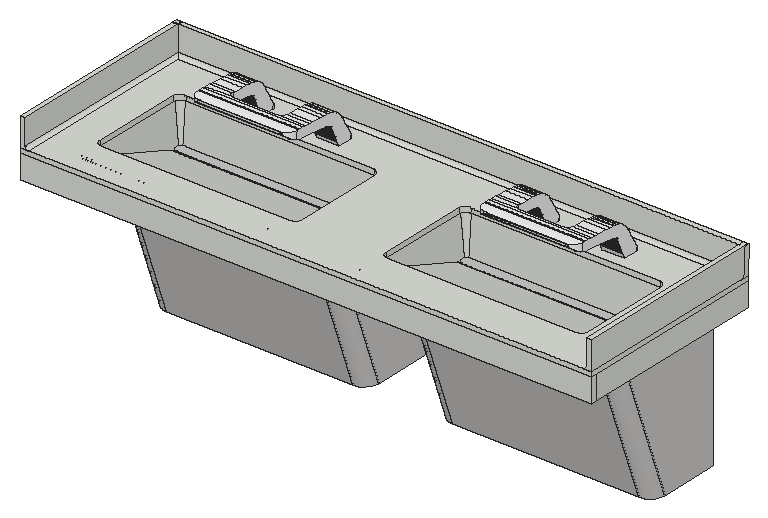
Revit family "Sink-Bradley_Corp-Omnideck_LD-3010_WashBar_Duo_2Basin", category Plumbing Fixtures, Revit 2018
Family settings
  Round Connector Dimension = Use Diameter
  Part Type = Normal
  OmniClass Number = 23.45.00.00
  OmniClass Title = Sanitary, Laundry, and Cleaning Equipment
  Work Plane-Based = No
  Always vertical = Yes
  Cut with Voids When Loaded = No
  Shared = No
  Room Calculation Point = No
Parameters (values of type "Omnideck LD-3010 WashBar Duo 2-Basin")
  Version = "1.0"
  URL = "http://bradleycorp.com"
  SplashRight [instance] = yes
  SplashLeft [instance] = yes
  Splash-Height [instance] = 3"
  Specifications URL = "https://www.bradleycorp.com/3partspec"
  Product Tech Data URL - English = "https://www.bradleycorp.com/mediamanager/view/9268/Bradley_Sink_OmniDeck_LD-3010.pdf"
  Product Page URL = "https://www.bradleycorp.com/product/omnideck-with-washbar-duo"
  OmniClass Table 23 Title = "Sinks/Lavatories"
  OmniClass Table 23 Number = "23.45 05 14 14"
  Model = "Omnideck LD 3010 WB TR1 2-Basin"
  Material-Deck [instance] = Stone - Bradley Corp - Designer White
  MasterFormat Title = "Commercial Lavatories and Sinks"
  MasterFormat Number = "22 42 16"
  Manufacturer Installation URL - English = "https://www.bradleycorp.com/mediamanager/view/9274/Terreon_Lav_Deck,_LD-3010_Series.pdf"
  Manufacturer = "Bradley Corporation"
  LENGTH [instance] = 60"
  HEIGHT [instance] = 33 1/2"
  SplashBack [instance] = yes
  Material-Basin [instance] = Stone - Bradley Corp - Designer White
  Description = "Bradley Omnideck Lavatory LD 3010 WashBar Duo Two-Basin"
  DEPTH [instance] = 20 1/2"
  DIST-to-Bowl2 [instance] = 45"
  DIST-To-Bowl1 [instance] = 15"
  Copyright = "This Model Data is Property of Bradley Corporation"
  Assembly Code = "D2010400"
  ApronRight [instance] = yes
  ApronLeft [instance] = yes
  ApronFront [instance] = yes
  Apron-Depth [instance] = 3"
Reference planes
  plane 1 "Center (Front/Back)": y = 0
  plane 2: z = 0
  plane 3 "T.O. Deck": z = 850.9
  plane 4 "Deck Thickness": z = 838.2
  plane 5 "F.O.Deck": y = -520.7
  plane 6: z = 363.538
  plane 7 "C.O. BOWL": y = -273.05
  plane 8 "C.O.Bowl1": x = -502.85
  plane 9 "Splash-Height": z = 927.1
  plane 10 "C.O.Faucet-Soap": y = -79.375
  plane 11 "C.O.Bowl2": x = 259.15
  plane 12 "Right-End": x = 640.15
  plane 13 "LEFT-END": x = -883.85
  plane 14: z = 800.1
  plane 15: y = -482.569
  plane 16 "B.O. Basin": y = -127
  plane 17: x = -777.487
  plane 18: x = -228.212
  plane 19: x = -232.975
  plane 20: x = -772.725
  plane 21: y = -412.75
  plane 22: y = -133.35
  plane 23: x = 914.788
  plane 24: x = 368.594
  plane 25 "B.O. Apron": z = 774.7
  plane 26: z = 800.1
Forms (mm)
  Extrusion 1, solid, material "Stone - Bradley Corp - Designer White" <- "Material-Deck"
    sketch origin (0, 0, 850.9) x (-1, 0, 0) y (0, -1, 0)
      loop
        line (883.85, 0) -> (883.85, 520.7) -> (-640.15, 520.7) -> (-640.15, 0) -> (883.85, 0)
    from 0 to -12.7
  Extrusion 2, solid, material "Stone - Bradley Corp - Designer White" <- "Material-Deck", visible <- "ApronFront", detail levels medium+fine
    sketch origin (0, 0, 838.2) x (-1, 0, 0) y (0, -1, 0)
      loop
        line (883.85, 520.7) -> (-640.15, 520.7) -> (-640.15, 508) -> (883.85, 508) -> (883.85, 520.7)
    from 0 to -63.5
  Extrusion 3, solid, material "Stone - Bradley Corp - Designer White" <- "Material-Deck", visible <- "ApronRight", detail levels medium+fine
    sketch origin (1713.3, 0, 838.2) x (-1, 0, 0) y (0, -1, 0)
      loop
        line (1085.85, 508) -> (1073.15, 508) -> (1073.15, 0) -> (1085.85, 0) -> (1085.85, 508)
    from 0 to -63.5
  Extrusion 4, solid, material "Stone - Bradley Corp - Designer White" <- "Material-Deck", visible <- "ApronLeft", detail levels medium+fine
    sketch origin (-579, 0, 838.2) x (-1, 0, 0) y (0, -1, 0)
      loop
        line (304.85, 508) -> (292.15, 508) -> (292.15, 0) -> (304.85, 0) -> (304.85, 508)
    from 0 to -63.5
  Extrusion 5, solid, material "Stone - Bradley Corp - Designer White" <- "Material-Deck", visible <- "SplashBack"
    sketch origin (640.15, 0, 0) x (0, 0, -1) y (0, -1, 0)
      loop
        line (-927.1, 12.7) -> (-927.1, 0) -> (-850.9, 0) -> (-850.9, 22.225)
        arc (-850.9, 22.225) -> (-853.69, 15.49) -> (-860.425, 12.7) r 9.525
        line (-860.425, 12.7) -> (-927.1, 12.7)
    from 0 to 1524 <- "LENGTH"
  Extrusion 6, solid, material "Stone - Bradley Corp - Designer White" <- "Material-Deck", visible <- "SplashLeft"
    sketch origin (0, 0, 0) x (1, 0, 0) y (0, 0, 1)
      loop
        line (-871.15, 860.425) -> (-871.15, 927.1) -> (-883.85, 927.1) -> (-883.85, 850.9) -> (-861.625, 850.9)
        arc (-861.625, 850.9) -> (-868.36, 853.69) -> (-871.15, 860.425) r 9.525
    from 0 to 520.7 <- "DEPTH"
  Extrusion 7, solid, material "Stone - Bradley Corp - Designer White" <- "Material-Deck", visible <- "SplashRight"
    sketch origin (0, 0, 0) x (1, 0, 0) y (0, 0, 1)
      loop
        line (627.45, 927.1) -> (627.45, 860.425)
        arc (627.45, 860.425) -> (624.66, 853.69) -> (617.925, 850.9) r 9.525
        line (617.925, 850.9) -> (640.15, 850.9) -> (640.15, 927.1) -> (627.45, 927.1)
    from 0 to 520.7 <- "DEPTH"
  Extrusion 8, void
    sketch origin (0, 0, 850.9) x (-1, 0, 0) y (0, -1, 0)
      loop
        arc (251.994, 412.75) -> (238.546, 407.179) -> (232.975, 393.731) r 19.019
        line (232.975, 393.731) -> (232.975, 152.369)
        arc (232.975, 152.369) -> (238.546, 138.921) -> (251.994, 133.35) r 19.019
        line (251.994, 133.35) -> (753.675, 133.35)
        arc (753.675, 133.35) -> (767.123, 138.921) -> (772.725, 152.369) r 19.019
        line (772.725, 152.369) -> (772.694, 393.731)
        arc (772.694, 393.731) -> (767.123, 407.179) -> (753.675, 412.75) r 19.019
        line (753.675, 412.75) -> (251.994, 412.75)
    from 0 to -12.7
  Extrusion 9, void
    sketch origin (1143, 0, 850.9) x (-1, 0, 0) y (0, -1, 0)
      loop
        arc (632.994, 412.75) -> (619.546, 407.179) -> (613.975, 393.731) r 19.019
        line (613.975, 393.731) -> (613.975, 152.369)
        arc (613.975, 152.369) -> (619.546, 138.921) -> (632.994, 133.35) r 19.019
        line (632.994, 133.35) -> (1134.675, 133.35)
        arc (1134.675, 133.35) -> (1148.123, 138.921) -> (1153.725, 152.369) r 19.019
        line (1153.725, 152.369) -> (1153.694, 393.731)
        arc (1153.694, 393.731) -> (1148.123, 407.179) -> (1134.675, 412.75) r 19.019
        line (1134.675, 412.75) -> (632.994, 412.75)
    from 0 to -12.7
Cuts and joins
  Extrusion 8, Extrusion 9 cuts Extrusion 1
Dimensions and locks
  "HEIGHT": plane 3 "T.O. Deck" to level
  locked: plane 3 "T.O. Deck" to plane 4 "Deck Thickness" at 12.7
  "DEPTH": plane 5 "F.O.Deck" to plane 1 "Center (Front/Back)"
  plane 3 "T.O. Deck" to plane 6 = 19 3/16"  (x2)
  locked: plane 7 "C.O. BOWL" to plane 1 "Center (Front/Back)" at 273.05
  "Splash-Height": plane 9 "Splash-Height" to plane 3 "T.O. Deck"
  locked: plane 1 "Center (Front/Back)" to plane 10 "C.O.Faucet-Soap" at 79.375
  locked: plane 3 "T.O. Deck" to plane 14 at 50.8
  plane 17 to plane 8 "C.O.Bowl1" to plane 18 = 10 13/16", 10 13/16"
  "LENGTH": plane 13 "LEFT-END" to plane 12 "Right-End"
  "DIST-To-Bowl1": plane 13 "LEFT-END" to plane 8 "C.O.Bowl1"
  "DIST-to-Bowl2": plane 13 "LEFT-END" to plane 11 "C.O.Bowl2"
  locked: plane 16 "B.O. Basin" to plane 1 "Center (Front/Back)" at 127
  plane 17 to plane 18 = 21 5/8"
  locked: plane 21 to plane 1 "Center (Front/Back)" at 412.75
  "Apron-Depth": plane 3 "T.O. Deck" to plane 25 "B.O. Apron"
  locked: cut or joined group of Extrusion 1, Extrusion 8, Extrusion 9 to plane 26 at 50.8
  aligned and locked: level to plane 2
  aligned and locked: Extrusion 1 sketch curve to plane 5 "F.O.Deck"
  aligned and locked: Extrusion 1 to plane 4 "Deck Thickness"
  aligned and locked: Extrusion 1 to plane 1 "Center (Front/Back)"
  aligned and locked: plane 12 "Right-End" to Extrusion 1 sketch curve
  aligned and locked: Extrusion 2 sketch curve to plane 12 "Right-End"
  aligned and locked: plane 13 "LEFT-END" to cut or joined group of Extrusion 1, Extrusion 8, Extrusion 9
  aligned and locked: plane 13 "LEFT-END" to Extrusion 2
  aligned and locked: Extrusion 6 sketch curve to cut or joined group of Extrusion 1, Extrusion 8, Extrusion 9
  aligned and locked: Extrusion 6 sketch curve to plane 9 "Splash-Height"
  aligned and locked: Extrusion 7 sketch curve to cut or joined group of Extrusion 1, Extrusion 8, Extrusion 9
  aligned and locked: Extrusion 7 sketch curve to plane 9 "Splash-Height"
  aligned and locked: nested 1 to plane 8 "C.O.Bowl1"
  aligned and locked: plane 1 "Center (Front/Back)" to nested 1
  aligned and locked: nested 2 to plane 8 "C.O.Bowl1"
  aligned and locked: plane 4 "Deck Thickness" to nested 2
  aligned and locked: plane 6 to nested 1
  aligned and locked: plane 21 to cut or joined group of Extrusion 1, Extrusion 8, Extrusion 9
  aligned and locked: nested 4 to plane 11 "C.O.Bowl2"
  aligned and locked: plane 6 to nested 3
  aligned and locked: plane 4 "Deck Thickness" to nested 4
  aligned and locked: Extrusion 2 to plane 25 "B.O. Apron"
  aligned and locked: Extrusion 3 to plane 25 "B.O. Apron"
  aligned and locked: Extrusion 4 to plane 25 "B.O. Apron"
  aligned and locked: nested 3 to plane 11 "C.O.Bowl2"
  aligned and locked: nested 5 to plane 10 "C.O.Faucet-Soap"
  aligned and locked: plane 8 "C.O.Bowl1" to nested 5
  aligned and locked: plane 3 "T.O. Deck" to nested 5
  aligned and locked: plane 11 "C.O.Bowl2" to nested 6
  aligned and locked: nested 6 to plane 10 "C.O.Faucet-Soap"
  aligned and locked: plane 3 "T.O. Deck" to nested 6
Automatic sketch dimensions
  Extrusion 1 sketch curve to plane 13 "LEFT-END" = 0"
  plane 1 "Center (Front/Back)" to Extrusion 1 sketch curve = 0"
  Extrusion 2 sketch curve to plane 13 "LEFT-END" = 0"
  plane 5 "F.O.Deck" to Extrusion 2 sketch curve = 0"
  Extrusion 2 sketch curve to plane 5 "F.O.Deck" = 1/2"
  Extrusion 3 sketch curve to plane 12 "Right-End" = 0"
  plane 1 "Center (Front/Back)" to Extrusion 3 sketch curve = 0"
  Extrusion 3 sketch curve to Extrusion 3 sketch curve = 1/2"
  Extrusion 3 sketch curve to plane 5 "F.O.Deck" = 1/2"
  plane 1 "Center (Front/Back)" to Extrusion 4 sketch curve = 0"
  Extrusion 4 sketch curve to plane 13 "LEFT-END" = 0"
  Extrusion 4 sketch curve to plane 13 "LEFT-END" = 1/2"
  Extrusion 4 sketch curve to plane 5 "F.O.Deck" = 1/2"
  Extrusion 5 sketch curve to plane 1 "Center (Front/Back)" = 0"
  Extrusion 5 sketch curve to plane 9 "Splash-Height" = 0"
  Extrusion 5 sketch curve to plane 3 "T.O. Deck" = 0"
  plane 3 "T.O. Deck" to Extrusion 5 sketch curve = 3/8"
  plane 1 "Center (Front/Back)" to Extrusion 5 sketch curve = 1/2"
  plane 13 "LEFT-END" to Extrusion 6 sketch curve = 0"
  Extrusion 6 sketch curve to plane 13 "LEFT-END" = 1/2"
  plane 3 "T.O. Deck" to Extrusion 6 sketch curve = 3/8"
  plane 12 "Right-End" to Extrusion 7 sketch curve = 0"
  plane 12 "Right-End" to Extrusion 7 sketch curve = 1/2"
  Extrusion 7 sketch curve to Extrusion 7 sketch curve = 3/8"
  Extrusion 8 sketch curve to plane 19 = 0"
  plane 21 to Extrusion 8 sketch curve = 0"
  plane 22 to Extrusion 8 sketch curve = 0"
  Extrusion 8 sketch curve to plane 20 = 0"
  plane 19 to Extrusion 8 sketch curve = 0.74878"  (x2)
  Extrusion 8 sketch curve to plane 20 = 3/4"
  Extrusion 8 sketch curve to Extrusion 8 sketch curve = 3/4"
  Extrusion 8 sketch curve to Extrusion 8 sketch curve = 0.74878"  (x2)
  Extrusion 8 sketch curve to Extrusion 8 sketch curve = 0"  (x2)
  plane 21 to Extrusion 9 sketch curve = 0"
  plane 22 to Extrusion 9 sketch curve = 0"
  plane 22 to Extrusion 9 sketch curve = 0.74878"  (x2)
  Extrusion 9 sketch curve to plane 21 = 0.74878"  (x2)
  Extrusion 9 sketch curve to Extrusion 9 sketch curve = 0.00122"
  Extrusion 9 sketch curve to Extrusion 9 sketch curve = 0"  (x3)
  Extrusion 9 sketch curve to plane 11 "C.O.Bowl2" = 9.87622"
  plane 11 "C.O.Bowl2" to Extrusion 9 sketch curve = 9 7/8"
Nested families
  nested 1: "Access-Panel-LD5010" at (-502.85, 0, 810.323), type "Access-Panel-LD5010"
  nested 2: "Basin-Bradley_Corp-Omnideck-WashBar-LD5010" at (-437.762, 0, 0), Basin Material <- "Material-Basin", type "LVQ-1"
    with Height 33 1/2", Basin Material Stone - Bradley Corp - Designer White
  nested 3: "Access-Panel-LD5010" at (259.15, 0, 810.324), type "Access-Panel-LD5010"
  nested 4: "Basin-Bradley_Corp-Omnideck-WashBar-LD5010" at (324.238, 0, 0), Basin Material <- "Material-Basin", type "LVQ-1"
    with Height 33 1/2", Basin Material Stone - Bradley Corp - Designer White
  nested 5: "Faucet-Soap-Bradley_Corp-WashBar_Duo" at (-502.85, -55.575, 850.9), type "WashBar Duo"
  nested 6: "Faucet-Soap-Bradley_Corp-WashBar_Duo" at (259.15, -55.575, 850.9), type "WashBar Duo"
Definition of nested family "Access-Panel-LD5010"
  Reference planes
    plane 1 "Center (Front/Back)": y = 0
    plane 2 "T.O. Access Panel": z = 0
    plane 3 "Center (Left/Right)": x = 0
    plane 4 "B.O. Access Panel": z = -446.786
    plane 5: through (0, -339.048, 0) normal (0, 0.9397, 0.342)
    plane 6 "Bottom Perimeter": y = -198.374
    plane 7 "Top Perimeter": y = -348.488
    plane 8 "Inside-Left": x = -252.73
    plane 9 "Inside-Right": x = 252.73
    plane 10: x = -285.369
    plane 11: x = 285.369
    plane 12: z = -33.528
    plane 13: y = 214.884
    plane 14 "top edge": y = -360.667
  Forms (mm)
    Blend 1, solid
      base sketch origin (0, 0, -446.786) x (0, -1, 0) y (1, 0, 0)
        loop
          arc (195.834, -247.269) -> (185.419, -272.414) -> (160.274, -282.829) r 35.56
          line (160.274, -282.829) -> (0, -282.829) -> (0, -285.369) -> (160.274, -285.369)
          arc (160.274, -285.369) -> (187.215, -274.21) -> (198.374, -247.269) r 38.1
          line (198.374, -247.269) -> (198.374, 247.269)
          arc (198.374, 247.269) -> (187.215, 274.21) -> (160.274, 285.369) r 38.1
          line (160.274, 285.369) -> (0, 285.369) -> (0, 282.829) -> (160.274, 282.829)
          arc (160.274, 282.829) -> (185.419, 272.414) -> (195.834, 247.269) r 35.56
          line (195.834, 247.269) -> (195.834, -247.269)
      top sketch origin (0, 0, 0) x (1, 0, 0) y (0, 1, 0)
        loop
          arc (247.269, -360.667) -> (274.21, -349.508) -> (285.369, -322.567) r 38.1
          line (285.369, -322.567) -> (285.369, 0) -> (282.829, 0) -> (282.829, -322.567)
          arc (282.829, -322.567) -> (272.414, -347.712) -> (247.269, -358.127) r 35.56
          line (247.269, -358.127) -> (-247.269, -358.127)
          arc (-247.269, -358.127) -> (-272.414, -347.712) -> (-282.829, -322.567) r 35.56
          line (-282.829, -322.567) -> (-282.829, 0) -> (-285.369, 0) -> (-285.369, -322.567)
          arc (-285.369, -322.567) -> (-274.21, -349.508) -> (-247.269, -360.667) r 38.1
          line (-247.269, -360.667) -> (247.269, -360.667)
      from 0 to 0
    Extrusion 2, void
      sketch origin (0, 0, 0) x (0, 1, 0) y (0, 0, 1)
        loop
          arc (-368.237, -44.643) -> (-286.598, -9.794) -> (-198.374, 0) r 304.142
          line (-198.374, 0) -> (-198.374, 19.05) -> (-368.237, 19.05) -> (-368.237, -44.643)
      from -304.8 to 304.8
  Cuts and joins
    Extrusion 2 cuts Blend 1
  Lines and regions (mm)
    Masking region 1
      outline origin (0, 0, 0) x (1, 0, 0) y (0, 0, 1)
        loop
          line (285.369, 0) -> (-285.369, 0) -> (-285.369, -446.786) -> (285.369, -446.786) -> (285.369, 0)
    Masking region 2
      outline origin (0, 0, 0) x (0, 1, 0) y (0, 0, 1)
        loop
          line (0, -446.786) -> (0, 0) -> (-339.048, 0) -> (-178.598, -446.786) -> (0, -446.786)
    symbolic lines
      curve 1: line (0, -198.374, -446.786) -> (0, -360.667, 0)
  Dimensions and locks
    plane 10 to plane 3 "Center (Left/Right)" to plane 11 = 11.235", 11.235"
    plane 10 to plane 11 = 22.47"
    plane 6 "Bottom Perimeter" to plane 1 "Center (Front/Back)" = 7.81"
    plane 7 "Top Perimeter" to plane 1 "Center (Front/Back)" = 13.72"
    level to plane 4 "B.O. Access Panel" = 17.59"
    plane 12 to plane 4 "B.O. Access Panel" = 16.27"
    aligned and locked: plane 2 "T.O. Access Panel" to level
    aligned and locked: Masking region 2 to plane 4 "B.O. Access Panel"
    aligned and locked: Masking region 1 to plane 4 "B.O. Access Panel"
    aligned and locked: Masking region 1 to plane 10
    aligned and locked: Masking region 1 to plane 11
Definition of nested family "Basin-Bradley_Corp-Omnideck-WashBar-LD5010"
  Parameters (values of type "LVQ-1")
    Warranty Information = ""
    Version = "1.0"
    URL = "http://bradleycorp.com"
    Specifications URL = "https://www.bradleycorp.com/3partspec"
    Product Tech Data URL - English = "https://www.bradleycorp.com/download/4754/Bradley_Sink_Verge_LVQD1.pdf"
    Product Page URL = "http://info.bradleycorp.com/verge-washbar"
    OmniClass Table 23 Title = "Sink/Lavatories"
    OmniClass Table 23 Number = "23-31 13 00"
    OmniClass Table 21 Title = "Plumbing Fixtures"
    OmniClass Table 21 Number = "21-04 20 10 60"
    Model = "LVQD1"
    MasterFormat Title = "Commercial Lavatories and Sinks"
    MasterFormat Number = "22 42 16"
    Manufacturer Revit Model URL = ""
    Manufacturer Installation URL - English = ""
    Manufacturer = "Bradley Corporation"
    Length = 30"
    Installation Type = "Wall Hung"
    Height [instance] = 33 1/2"
    Description = "Verge™ Lavatory System w/Washbar Technology – LVQ Series, One Station"
    Depth = 21"
    Copyright = "This Model Data is Property of Bradley Corporation"
    Basin Material [instance] = none
    Assembly Code = "D2010300"
    ADA Compliant = yes
  Reference planes
    plane 1 "Center (Front/Back)": y = 0
    plane 2: z = 0
    plane 3 "Center (Left/Right)": x = -6.35
    plane 4: x = -381
    plane 5: x = 381
    plane 6 "T.O. Lav Deck": z = 850.9
    plane 7: y = -533.4
    plane 8 "B.O. Basin": y = -127
    plane 9: y = -69.85
    plane 10 "B.O. Bowl": z = 628.65
    plane 11 "Mid-Basin": y = -338.293
    plane 12 "B.O. Deck": z = 755.65
    plane 13: x = -339.725
    plane 14: x = 339.725
    plane 15: z = 342.9
    plane 16: through (358.886, -6.269, 1219.2) normal (0.9959, -0.0902, 0)
    plane 17: through (-331.911, -304.093, 1219.2) normal (-0.9959, -0.0902, 0)
    plane 18: z = 673.72
    plane 19 "Access Panel Side": through (325.941, -370.004, 1219.2) normal (0.0902, 0.9959, 0)
    plane 20 "Drain Strip-Bottom": z = 713.126
    plane 21 "Drain Strip-Top": z = 732.99
    plane 22: x = 209.55
    plane 23 "RightSide": x = 250.825
    plane 24 "C.O. Basin": x = -65.087
  Forms (mm)
    Extrusion 1, void
      sketch origin (-6.35, 0, 0) x (0, 1, 0) y (0, 0, 1)
        loop
          line (-408.046, 820.041) -> (-169.423, 732.99)
          arc (-169.423, 732.99) -> (-167.965, 731.914) -> (-167.333, 730.215) r 3.175
          line (-167.333, 730.215) -> (-166.138, 713.126) -> (-139.054, 713.126) -> (-127.254, 847.995)
          arc (-127.254, 847.995) -> (-127.072, 848.818) -> (-126.679, 849.564) r 3.175
          arc (-126.679, 849.564) -> (-125.947, 850.347) -> (-125.029, 850.9) r 3.893
          line (-125.029, 850.9) -> (-421.71, 850.9)
          arc (-421.71, 850.9) -> (-420.703, 850.54) -> (-420.153, 849.622) r 1.588
          line (-420.153, 849.622) -> (-417.881, 838.2) -> (-416.149, 829.495)
          arc (-416.149, 829.495) -> (-413.335, 823.707) -> (-408.046, 820.041) r 12.7
      from 209.55 to -339.725
    Extrusion 2, solid, material <- "Basin Material"
      sketch origin (-6.35, 0, 0) x (0, 1, 0) y (0, 0, 1)
        loop
          line (-303.644, 755.65) -> (-296.71, 736.6) -> (-230.339, 736.6) -> (-224.838, 673.72) -> (0, 673.72) -> (0, 838.2) -> (-455.981, 838.2) -> (-455.13, 828.476)
          arc (-455.13, 828.476) -> (-454.258, 826.372) -> (-452.154, 825.5) r 2.976
          line (-452.154, 825.5) -> (-442.096, 825.5) -> (-438.272, 825.5)
          arc (-438.272, 825.5) -> (-433.142, 824.001) -> (-429.627, 819.974) r 9.525
          arc (-429.627, 819.974) -> (-423.03, 810.934) -> (-413.466, 805.12) r 28.575
          line (-413.466, 805.12) -> (-349.705, 781.914)
          arc (-349.705, 781.914) -> (-347.387, 780.438) -> (-345.91, 778.119) r 6.35
          line (-345.91, 778.119) -> (-337.732, 755.65) -> (-303.644, 755.65)
      from 250.825 to -355.6
    Extrusion 3, solid
      sketch origin (0, 0, 732.99) x (0, -1, 0) y (1, 0, 0)
        loop
          arc (165.856, 181.191) -> (152.309, 194.738) -> (138.763, 181.191) r 13.546
          line (138.763, 181.191) -> (138.763, -311.366)
          arc (138.763, -311.366) -> (152.309, -324.913) -> (165.856, -311.366) r 13.546
          line (165.856, -311.366) -> (165.856, 181.191)
      from 0 to -9.525
    Sweep 4, solid, material <- "Basin Material"
      path origin (0, 0, 850.9) x (-1, 0, 0) y (0, -1, 0)
        loop
          arc (320.675, 125.029) -> (334.145, 130.609) -> (339.725, 144.079) r 19.05
          line (339.725, 144.079) -> (339.725, 401.913)
          arc (339.725, 401.913) -> (334.145, 415.383) -> (320.675, 420.963) r 19.05
      profile "Inner-Bowl-Surface : Inner-Bowl-Surface" origin (-334.145, -130.609, 850.9) x (0.707107, -0.707107, 0) y (0, 0, 1)
        loop
          line (14.025, -137.774) -> (3.082, -12.7) -> (-8.043, -12.7) -> (-8.043, -137.774) -> (14.025, -137.774)
    Extrusion 5, void
      sketch origin (30.588, -337.712, 0) x (0.995923, 0.090206, 0) y (0, 0, -1)
        loop
          line (-334.704, -666.251) -> (-375.446, -655.793) -> (-400.724, -754.265) -> (-357.297, -754.265) -> (-334.704, -666.251)
      from 381 to -139.035
    Extrusion 6, void
      sketch origin (-160.763, -337.712, 0) x (-0.995923, 0.090206, 0) y (0, 0, 1)
        loop
          line (-334.704, 666.251) -> (-357.297, 754.265) -> (-400.724, 754.265) -> (-375.446, 655.793) -> (-334.704, 666.251)
      from 381 to -139.035
    Sweep 7, solid, material <- "Basin Material"
      path origin (-130.175, 0, 850.9) x (1, 0, 0) y (0, -1, 0)
        loop
          arc (320.675, 125.029) -> (334.145, 130.609) -> (339.725, 144.079) r 19.05
          line (339.725, 144.079) -> (339.725, 401.913)
          arc (339.725, 401.913) -> (334.145, 415.383) -> (320.675, 420.963) r 19.05
      profile "Inner-Bowl-Surface : Inner-Bowl-Surface" origin (203.97, -130.609, 850.9) x (0.707107, 0.707107, 0) y (0, 0, 1)
        loop
          line (-14.025, -137.774) -> (8.043, -137.774) -> (8.043, -12.7) -> (-3.082, -12.7) -> (-14.025, -137.774)
    Extrusion 8, void
      sketch origin (-6.35, 0, 0) x (0, 1, 0) y (0, 0, 1)
        loop
          line (-429.005, 818.712) -> (-429.005, 754.265) -> (-337.228, 754.265) -> (-345.91, 778.119)
          arc (-345.91, 778.119) -> (-347.387, 780.438) -> (-349.705, 781.914) r 6.35
          line (-349.705, 781.914) -> (-413.466, 805.12)
          arc (-413.466, 805.12) -> (-422.506, 810.464) -> (-429.005, 818.712) r 28.575
      from -355.6 to -228.6
    Extrusion 9, void
      sketch origin (-123.825, 0, 0) x (0, 1, 0) y (0, 0, -1)
        loop
          arc (-429.005, -818.712) -> (-422.506, -810.464) -> (-413.466, -805.12) r 28.575
          line (-413.466, -805.12) -> (-349.705, -781.914)
          arc (-349.705, -781.914) -> (-347.387, -780.438) -> (-345.91, -778.119) r 6.35
          line (-345.91, -778.119) -> (-337.228, -754.265) -> (-429.005, -754.265) -> (-429.005, -818.712)
      from -355.6 to -228.6
    Extrusion 10, void
      sketch origin (250.825, 0, 0) x (0, 1, 0) y (0, 0, 1)
        loop
          line (-296.476, 673.72) -> (0, 673.72) -> (0, 755.96) -> (-303.671, 755.96) -> (-296.476, 673.72)
      from -38.1 to 0
    Extrusion 11, void
      sketch origin (-381, 0, 0) x (0, 1, 0) y (0, 0, -1)
        loop
          line (-296.476, -673.72) -> (-303.671, -755.96) -> (0, -755.96) -> (0, -673.72) -> (-296.476, -673.72)
      from -38.1 to 0
  Cuts and joins
    Extrusion 1, Extrusion 9, Extrusion 10, Extrusion 11 cuts Extrusion 2
    Extrusion 5, Extrusion 8, Extrusion 9, Extrusion 11 cuts Sweep 4
    Extrusion 6, Extrusion 9, Extrusion 11 cuts Sweep 7
    joined: Extrusion 2, Sweep 4, Sweep 7
  Lines and regions (mm)
    symbolic lines
      curve 1: line (-111.125, -125.029, 732.99) -> (111.125, -125.029, 732.99)
      curve 2: line (-327.438, -169.418, 732.99) -> (-337.148, -474.345, 732.99)
      curve 3: arc (-311.366, -138.763, 732.99) -> (-324.913, -152.309, 732.99) -> (-311.366, -165.856, 732.99) r 13.546
      curve 4: arc (-320.675, -139.054, 732.99) -> (-324.229, -140.526, 732.99) -> (-325.7, -144.079, 732.99) r 5.025
      curve 5: line (-325.7, -144.079, 732.99) -> (-325.7, -166.138, 732.99)
      curve 6: line (-325.7, -166.138, 732.99) -> (-327.196, -167.333, 732.99)
      curve 7: spline (-327.196, -167.333, 732.99) -> (-327.222, -167.367, 732.99) -> (-327.248, -167.431, 732.99) -> (-327.274, -167.524, 732.99) -> (-327.298, -167.644, 732.99) -> (-327.322, -167.79, 732.99) -> (-327.344, -167.962, 732.99) -> (-327.364, -168.157, 732.99) -> (-327.383, -168.375, 732.99) -> (-327.4, -168.612, 732.99) -> (-327.415, -168.866, 732.99) -> (-327.428, -169.136, 732.99) -> (-327.438, -169.418, 732.99)
      curve 8: line (-171.45, -139.054, 732.99) -> (-320.675, -139.054, 732.99)
      curve 9: line (-171.45, -166.138, 732.99) -> (-325.7, -166.138, 732.99)
      curve 10: line (111.125, -139.054, 732.99) -> (-111.125, -139.054, 732.99)
      curve 11: line (111.125, -166.138, 732.99) -> (-111.125, -166.138, 732.99)
  Dimensions and locks
    "Length": plane 4 to plane 5
    plane 6 "T.O. Lav Deck" to plane 2 = 33 1/2"
    "Depth": plane 7 to plane 1 "Center (Front/Back)"
    locked: plane 8 "B.O. Basin" to plane 1 "Center (Front/Back)" at 127
    locked: plane 9 to plane 1 "Center (Front/Back)" at 69.85
    plane 6 "T.O. Lav Deck" to plane 10 "B.O. Bowl" = 8 3/4"
    locked: plane 6 "T.O. Lav Deck" to plane 12 "B.O. Deck" at 95.25
    locked: plane 6 "T.O. Lav Deck" to plane 10 "B.O. Bowl" at 222.25
    locked: plane 13 to plane 14 at 679.45
    locked: plane 6 "T.O. Lav Deck" to plane 15 at 508
    locked: plane 6 "T.O. Lav Deck" to plane 21 "Drain Strip-Top" at 117.91
    plane 13 to plane 22 = 21 5/8"
    plane 3 "Center (Left/Right)" to plane 23 "RightSide" = 10 1/8"
    equal spacing: plane 13, plane 24 "C.O. Basin", plane 22
    cut or joined group of Extrusion 1, Extrusion 2, Sweep 4, Extrusion 5, Extrusion 6, Sweep 7, Extrusion 8, Extrusion 9, Extrusion 10, Extrusion 11 to plane 8 "B.O. Basin" = 11.452"
    aligned and locked: level to plane 2
  Automatic sketch dimensions
    Extrusion 1 sketch curve to plane 6 "T.O. Lav Deck" = 0"  (x2)
    Extrusion 1 sketch curve to plane 21 "Drain Strip-Top" = 0"
    Extrusion 1 sketch curve to plane 20 "Drain Strip-Bottom" = 0"
    Extrusion 1 sketch curve to plane 6 "T.O. Lav Deck" = 1/16"
    Extrusion 1 sketch curve to plane 11 "Mid-Basin" = 3.28412"
    Extrusion 1 sketch curve to plane 6 "T.O. Lav Deck" = 0.05031"
    Extrusion 1 sketch curve to plane 6 "T.O. Lav Deck" = 1/2"
    Extrusion 1 sketch curve to Extrusion 1 sketch curve = 0.08945"
    Extrusion 1 sketch curve to plane 6 "T.O. Lav Deck" = 0.84273"
    Extrusion 1 sketch curve to Extrusion 1 sketch curve = 0.06817"
    Extrusion 1 sketch curve to plane 6 "T.O. Lav Deck" = 1.21491"
    Extrusion 1 sketch curve to Extrusion 1 sketch curve = 0.31904"
    Extrusion 1 sketch curve to Extrusion 1 sketch curve = 0.17136"
    Extrusion 1 sketch curve to plane 21 "Drain Strip-Top" = 0.11758"
    plane 8 "B.O. Basin" to Extrusion 1 sketch curve = 1.71261"
    Extrusion 1 sketch curve to Extrusion 1 sketch curve = 0.04243"
    Extrusion 1 sketch curve to plane 21 "Drain Strip-Top" = 0.10923"
    Extrusion 1 sketch curve to Extrusion 1 sketch curve = 0.04705"
    plane 8 "B.O. Basin" to Extrusion 1 sketch curve = 0.47455"
    plane 8 "B.O. Basin" to Extrusion 1 sketch curve = 0.01001"
    Extrusion 1 sketch curve to plane 8 "B.O. Basin" = 0.07759"
    Extrusion 1 sketch curve to plane 8 "B.O. Basin" = 0.11454"
    Extrusion 1 sketch curve to Extrusion 1 sketch curve = 0.02338"
    Extrusion 1 sketch curve to plane 6 "T.O. Lav Deck" = 0.14089"
    Extrusion 1 sketch curve to Extrusion 1 sketch curve = 0.01589"
    Extrusion 1 sketch curve to Extrusion 1 sketch curve = 0.01063"
    Extrusion 1 sketch curve to Extrusion 1 sketch curve = 0"
    Extrusion 2 sketch curve to plane 12 "B.O. Deck" = 0"
    Extrusion 2 sketch curve to plane 18 = 0"
    Extrusion 2 sketch curve to plane 1 "Center (Front/Back)" = 0"
    plane 8 "B.O. Basin" to Extrusion 2 sketch curve = 3.85189"
    plane 21 "Drain Strip-Top" to Extrusion 2 sketch curve = 0.14213"
    Extrusion 2 sketch curve to Extrusion 2 sketch curve = 0.21658"
    plane 11 "Mid-Basin" to Extrusion 2 sketch curve = 1.63712"
    Extrusion 2 sketch curve to Extrusion 2 sketch curve = 0.27298"
    plane 11 "Mid-Basin" to Extrusion 2 sketch curve = 0.02211"
    Extrusion 2 sketch curve to plane 11 "Mid-Basin" = 0.29987"
    Extrusion 2 sketch curve to Extrusion 2 sketch curve = 0.14942"
    Extrusion 2 sketch curve to Extrusion 2 sketch curve = 0.23492"
    Extrusion 2 sketch curve to plane 6 "T.O. Lav Deck" = 0.74519"
    Extrusion 2 sketch curve to plane 11 "Mid-Basin" = 2.5748"
    Extrusion 2 sketch curve to Extrusion 2 sketch curve = 0.38476"
    Extrusion 2 sketch curve to Extrusion 2 sketch curve = 0.97662"
    Extrusion 2 sketch curve to Extrusion 2 sketch curve = 0.15054"
    Extrusion 2 sketch curve to Extrusion 2 sketch curve = 0.39599"
    Extrusion 2 sketch curve to plane 6 "T.O. Lav Deck" = 0.88283"
    Extrusion 2 sketch curve to Extrusion 2 sketch curve = 0.11717"
    Extrusion 2 sketch curve to plane 6 "T.O. Lav Deck" = 1/2"
    Extrusion 2 sketch curve to Extrusion 2 sketch curve = 0.03349"
    plane 12 "B.O. Deck" to Extrusion 2 sketch curve = 0.79911"
    Extrusion 2 sketch curve to Extrusion 2 sketch curve = 0.08551"
    Extrusion 2 sketch curve to Extrusion 2 sketch curve = 1.05716"
    Extrusion 2 sketch curve to Extrusion 2 sketch curve = 3/8"
    plane 8 "B.O. Basin" to Extrusion 3 sketch curve = 0.46311"
    Extrusion 3 sketch curve to Extrusion 3 sketch curve = 0.53332"
    plane 13 to Extrusion 3 sketch curve = 1.11648"
    Extrusion 3 sketch curve to plane 22 = 1.11648"
    Sweep 4 sketch curve to plane 13 = 0"
    Sweep 4 sketch curve to Sweep 4 sketch curve = 3/4"  (x2)
    plane 8 "B.O. Basin" to Sweep 4 sketch curve = 0.67241"
    Sweep 4 sketch curve to plane 11 "Mid-Basin" = 2.50471"
    Extrusion 5 sketch curve to plane 12 "B.O. Deck" = 0.05451"
    plane 17 to Extrusion 5 sketch curve = 1.68249"
    plane 17 to Extrusion 5 sketch curve = 0.68729"
    Extrusion 5 sketch curve to plane 17 = 0.02722"
    Extrusion 5 sketch curve to plane 18 = 0.29406"
    plane 8 "B.O. Basin" to curve 8 = 0.47455"
    curve 8 to curve 4 = 0.19785"
    curve 4 to curve 3 = 0.32403"
    plane 13 to curve 6 = 0.55215"
    curve 3 to curve 6 = 0.54441"
    plane 13 to curve 2 = 0.48373"
    curve 5 to curve 2 = 0.12916"
    curve 4 to curve 3 = 0.36648"
    plane 8 "B.O. Basin" to curve 10 = 0.47455"
    curve 3 to curve 4 = 0.01144"
    curve 1 to plane 8 "B.O. Basin" = 0.07759"
    curve 10 to curve 11 = 1.06629"
    curve 5 to curve 7 = 0.04679"
    plane 13 to curve 6 = 0.49328"
    curve 7 to curve 6 = 0.00026"
    curve 6 to curve 7 = 0"  (x2)
    curve 2 to curve 7 = 0.04304"
    plane 13 to curve 2 = 0.10147"
    curve 2 to plane 7 = 2.325"
    curve 9 to plane 24 "C.O. Basin" = 4 3/16"
    curve 8 to curve 9 = 0"
    curve 1 to plane 24 "C.O. Basin" = 1 13/16"
    curve 10 to curve 1 = 0"  (x2)
    curve 11 to curve 10 = 0"
    curve 11 to plane 22 = 3 7/8"
    curve 1 to curve 11 = 0"
    Extrusion 6 sketch curve to plane 12 "B.O. Deck" = 0.05451"
    Extrusion 6 sketch curve to plane 16 = 3.42162"
    Extrusion 6 sketch curve to plane 18 = 0.70581"
    Extrusion 6 sketch curve to Extrusion 6 sketch curve = 0.9952"
    Extrusion 6 sketch curve to Extrusion 6 sketch curve = 1.70971"
    Sweep 7 sketch curve to plane 22 = 0"
    plane 22 to Sweep 7 sketch curve = 3/4"  (x2)
    Sweep 7 sketch curve to plane 8 "B.O. Basin" = 0.67241"
    plane 11 "Mid-Basin" to Sweep 7 sketch curve = 2.50471"
    Extrusion 8 sketch curve to plane 12 "B.O. Deck" = 0.05451"
    Extrusion 8 sketch curve to plane 11 "Mid-Basin" = 3.57134"
    Extrusion 8 sketch curve to plane 6 "T.O. Lav Deck" = 1.80235"
    Extrusion 8 sketch curve to Extrusion 8 sketch curve = 0.61178"
    Extrusion 8 sketch curve to plane 6 "T.O. Lav Deck" = 0.74519"
    Extrusion 8 sketch curve to Extrusion 8 sketch curve = 0.99654"
    Extrusion 8 sketch curve to plane 11 "Mid-Basin" = 0.53479"
    Extrusion 8 sketch curve to Extrusion 8 sketch curve = 0.0855"
    Extrusion 8 sketch curve to Extrusion 8 sketch curve = 0.14942"
    plane 11 "Mid-Basin" to Extrusion 8 sketch curve = 0.04195"
    plane 12 "B.O. Deck" to Extrusion 8 sketch curve = 0.79911"
    Extrusion 8 sketch curve to Extrusion 8 sketch curve = 0.08551"
    Extrusion 9 sketch curve to plane 12 "B.O. Deck" = 0.05451"
    Extrusion 9 sketch curve to plane 11 "Mid-Basin" = 3.57134"
    Extrusion 9 sketch curve to plane 6 "T.O. Lav Deck" = 1.80235"
    Extrusion 9 sketch curve to Extrusion 9 sketch curve = 0.61178"
    Extrusion 9 sketch curve to plane 6 "T.O. Lav Deck" = 0.74519"
    Extrusion 9 sketch curve to Extrusion 9 sketch curve = 0.99654"
    Extrusion 9 sketch curve to plane 11 "Mid-Basin" = 0.53479"
    Extrusion 9 sketch curve to Extrusion 9 sketch curve = 0.0855"
    Extrusion 9 sketch curve to Extrusion 9 sketch curve = 0.14942"  (x2)
    plane 11 "Mid-Basin" to Extrusion 9 sketch curve = 0.04195"
    plane 12 "B.O. Deck" to Extrusion 9 sketch curve = 1.03403"
    Extrusion 10 sketch curve to plane 18 = 0"
    Extrusion 10 sketch curve to plane 1 "Center (Front/Back)" = 0"
    plane 11 "Mid-Basin" to Extrusion 10 sketch curve = 1.64634"
    plane 12 "B.O. Deck" to Extrusion 10 sketch curve = 0.01221"
    plane 11 "Mid-Basin" to Extrusion 10 sketch curve = 1.36307"
    Extrusion 11 sketch curve to plane 18 = 0"
    Extrusion 11 sketch curve to plane 1 "Center (Front/Back)" = 0"
    plane 11 "Mid-Basin" to Extrusion 11 sketch curve = 1.64634"
    plane 12 "B.O. Deck" to Extrusion 11 sketch curve = 0.01221"
    plane 11 "Mid-Basin" to Extrusion 11 sketch curve = 1.36307"
Definition of nested family "Faucet-Soap-Bradley_Corp-WashBar_Duo"
  Parameters (values of type "WashBar Duo")
    Washbar Material = none
    Version = "1.0"
    Specifications URL = ""
    Product Tech Data URL - Spanish = ""
    Product Tech Data URL - English = ""
    Product Page URL = ""
    OmniClass Table 23 Title = ""
    OmniClass Table 23 Number = ""
    Model = "Bradley Washbar Duo"
    MasterFormat Title = ""
    MasterFormat Number = ""
    Manufacturer Revit Model URL = ""
    Manufacturer Installation URL - English = ""
    ADA Compliant = yes
  Reference planes
    plane 1 "B.O. Washbar": y = 0
    plane 2 "T.O. Deck": z = 0
    plane 3 "Center (Left/Right)": x = 0
    plane 4: x = -146.108
    plane 5: x = 196.73
    plane 6: y = -158.79
    plane 7 "Washbar-Front": y = -209.362
    plane 8 "C.O. Faucet Connection": y = -23.8
    plane 9 "Washbar-Left": x = -133.35
    plane 10 "Edge-Left-Inside": x = -73.025
    plane 11 "Washbar-Right": x = 133.35
    plane 12 "Edge-Right-Inside": x = 73.025
    plane 13 "Wall - LVA Placement": y = 46.05
    plane 14 "Deck Hole-Left": x = -101.6
    plane 15 "Deck Hole-Right": x = 101.6
  Forms (mm)
    Extrusion 1, solid, material <- "Washbar Material"
      sketch origin (0, 0, 0) x (0, 1, 0) y (0, 0, 1)
        loop
          line (0, 0) -> (-2.908, 4.966) -> (-5.773, 9.932) -> (-8.618, 14.91) -> (-11.463, 19.889) -> (-14.314, 24.864) -> (-17.167, 29.837) -> (-20.018, 34.812) -> (-22.861, 39.791) -> (-25.688, 44.78) -> (-28.496, 49.779) -> (-31.292, 54.785) -> (-34.089, 59.79) -> (-36.95, 64.758) -> (-39.964, 69.629) -> (-43.269, 74.306) -> (-47.037, 78.624) -> (-51.367, 82.378) -> (-56.197, 85.441) -> (-61.4, 87.831) -> (-66.841, 89.634) -> (-72.414, 90.982) -> (-78.054, 92) -> (-83.73, 92.78) -> (-93.767, 93.856) -> (-108.192, 94.754) -> (-131.905, 96.037) -> (-142.274, 96.655) -> (-156.34, 97.542) -> (-165.831, 98.099) -> (-175.514, 98.578) -> (-180.82, 98.735)
          arc (-180.82, 98.735) -> (-194.876, 98.272) -> (-208.766, 96.06) r 112.569
          arc (-208.766, 96.06) -> (-209.25, 95.713) -> (-209.336, 95.123) r 0.762
          line (-209.336, 95.123) -> (-207.999, 90.022) -> (-199.479, 84.056) -> (-199.951, 82.514) -> (-173.927, 74.558)
          arc (-173.927, 74.558) -> (-173.403, 74.645) -> (-173.073, 75.06) r 0.741
          arc (-173.073, 75.06) -> (-172.338, 75.841) -> (-171.268, 75.922) r 1.482
          line (-171.268, 75.922) -> (-167.709, 75.516) -> (-166.749, 75.407) -> (-165.658, 75.283) -> (-164.439, 75.144) -> (-163.095, 74.99) -> (-161.633, 74.824) -> (-160.062, 74.645) -> (-158.394, 74.455) -> (-156.64, 74.255) -> (-154.816, 74.047) -> (-152.944, 73.834) -> (-151.044, 73.618) -> (-149.135, 73.4) -> (-147.228, 73.183) -> (-145.323, 72.966) -> (-143.417, 72.749) -> (-141.511, 72.531) -> (-139.604, 72.314) -> (-137.698, 72.097) -> (-135.792, 71.88) -> (-133.885, 71.662) -> (-131.979, 71.445) -> (-130.073, 71.228) -> (-128.167, 71.011) -> (-126.261, 70.793) -> (-124.355, 70.576) -> (-122.449, 70.359) -> (-120.544, 70.142) -> (-118.638, 69.925) -> (-116.733, 69.707) -> (-114.828, 69.49) -> (-112.923, 69.273) -> (-111.018, 69.056) -> (-109.113, 68.84) -> (-107.208, 68.623) -> (-105.303, 68.406) -> (-103.399, 68.187) -> (-101.495, 67.968) -> (-99.592, 67.75) -> (-97.688, 67.537) -> (-95.784, 67.329) -> (-93.88, 67.121) -> (-91.978, 66.902) -> (-90.079, 66.662) -> (-88.184, 66.397) -> (-86.292, 66.108) -> (-82.884, 65.553) -> (-79.277, 64.113) -> (-78.238, 63.616) -> (-77.232, 63.054) -> (-76.256, 62.439) -> (-75.313, 61.779) -> (-74.409, 61.07) -> (-73.547, 60.309) -> (-72.709, 59.47) -> (-71.919, 58.566) -> (-71.203, 57.597) -> (-70.573, 56.565) -> (-70.017, 55.487) -> (-69.523, 54.38) -> (-69.066, 53.258) -> (-68.62, 52.13) -> (-68.162, 51.007) -> (-67.688, 49.891) -> (-67.206, 48.777) -> (-66.723, 47.664) -> (-66.243, 46.549) -> (-65.767, 45.432) -> (-65.293, 44.315) -> (-64.819, 43.198) -> (-64.343, 42.081) -> (-63.867, 40.964) -> (-63.39, 39.847) -> (-62.913, 38.731) -> (-62.435, 37.615) -> (-61.958, 36.498) -> (-61.48, 35.382) -> (-61.003, 34.265) -> (-60.526, 33.149) -> (-60.048, 32.032) -> (-59.571, 30.916) -> (-59.093, 29.799) -> (-58.615, 28.683) -> (-58.137, 27.567) -> (-57.659, 26.45) -> (-57.18, 25.334) -> (-56.702, 24.218) -> (-56.224, 23.101) -> (-55.745, 21.985) -> (-55.267, 20.869) -> (-54.788, 19.753) -> (-54.309, 18.637) -> (-53.83, 17.521) -> (-53.351, 16.405) -> (-52.872, 15.289) -> (-52.393, 14.173) -> (-46.304, 0) -> (0, 0)
      from -133.35 to 133.35
    Extrusion 2, void
      sketch origin (39.688, 0, 0) x (1, 0, 0) y (0, 1, 0)
        loop
          arc (-112.712, -143.55) -> (-108.249, -154.327) -> (-97.472, -158.79) r 15.24
          line (-97.472, -158.79) -> (-39.687, -158.79) -> (-39.687, 3.175) -> (-139.7, 3.175) -> (-139.7, -0.053)
          arc (-139.7, -0.053) -> (-126.323, -1.851) -> (-113.484, -6.013) r 75.153
          arc (-113.484, -6.013) -> (-112.923, -6.481) -> (-112.712, -7.181) r 1.27
          line (-112.712, -7.181) -> (-112.712, -143.55)
      from 0 to 152.4
    Extrusion 3, void
      sketch origin (39.688, 0, 0) x (1, 0, 0) y (0, 1, 0)
        loop
          line (-175.637, 3.175) -> (-175.637, -7.181) -> (-173.037, -7.181)
          arc (-173.037, -7.181) -> (-172.827, -6.481) -> (-172.266, -6.013) r 1.27
          arc (-172.266, -6.013) -> (-159.427, -1.851) -> (-146.05, -0.053) r 75.153
          line (-146.05, -0.053) -> (-146.05, 3.175) -> (-175.637, 3.175)
      from 0 to 50.8
    Extrusion 4, void
      sketch origin (37.934, 0, 0) x (1, 0, 0) y (0, 1, 0)
        loop
          line (-179.186, -186.859) -> (-179.186, -215.881) -> (-149.537, -215.881) -> (-149.537, -209.122)
          arc (-149.537, -209.122) -> (-164.22, -201.711) -> (-171.284, -186.859) r 25.4
          line (-171.284, -186.859) -> (-179.186, -186.859)
      from 0 to 153.722
    Extrusion 5, void
      sketch origin (-37.934, 0, 0) x (-1, 0, 0) y (0, -1, 0)
        loop
          line (-179.186, 186.859) -> (-171.284, 186.859)
          arc (-171.284, 186.859) -> (-164.22, 201.711) -> (-149.537, 209.122) r 25.4
          line (-149.537, 209.122) -> (-149.537, 215.881) -> (-179.186, 215.881) -> (-179.186, 186.859)
      from 0 to 153.722
    Extrusion 6, void
      sketch origin (-39.687, 0, 0) x (-1, 0, 0) y (0, -1, 0)
        loop
          line (-112.712, 143.55) -> (-112.712, 7.181)
          arc (-112.712, 7.181) -> (-112.923, 6.481) -> (-113.484, 6.013) r 1.27
          arc (-113.484, 6.013) -> (-126.323, 1.851) -> (-139.7, 0.053) r 75.153
          line (-139.7, 0.053) -> (-139.7, -3.175) -> (-39.687, -3.175) -> (-39.687, 158.79) -> (-97.472, 158.79)
          arc (-97.472, 158.79) -> (-108.249, 154.327) -> (-112.712, 143.55) r 15.24
      from 0 to 152.4
    Extrusion 7, void
      sketch origin (-39.687, 0, 0) x (-1, 0, 0) y (0, -1, 0)
        loop
          line (-175.637, -3.175) -> (-146.05, -3.175) -> (-146.05, 0.053)
          arc (-146.05, 0.053) -> (-159.427, 1.851) -> (-172.266, 6.013) r 75.153
          arc (-172.266, 6.013) -> (-172.827, 6.481) -> (-173.037, 7.181) r 1.27
          line (-173.037, 7.181) -> (-175.637, 7.181) -> (-175.637, -3.175)
      from 0 to 50.8
  Cuts and joins
    Extrusion 2, Extrusion 3, Extrusion 4, Extrusion 5, Extrusion 6, Extrusion 7 cuts Extrusion 1
  Lines and regions (mm)
    Masking region 1
      outline origin (0, 0, 0) x (1, 0, 0) y (0, 1, 0)
        loop
          arc (107.95, -209.362) -> (125.911, -201.923) -> (133.35, -183.962) r 25.4
          line (133.35, -183.962) -> (133.35, -7.2)
          arc (133.35, -7.2) -> (133.14, -6.5) -> (132.579, -6.032) r 1.27
          arc (132.579, -6.032) -> (118.187, -1.534) -> (103.188, 0) r 75.153
          arc (103.188, 0) -> (88.188, -1.534) -> (73.796, -6.032) r 75.153
          arc (73.796, -6.032) -> (73.235, -6.5) -> (73.025, -7.2) r 1.27
          line (73.025, -7.2) -> (73.025, -143.55)
          arc (73.025, -143.55) -> (68.561, -154.327) -> (57.785, -158.79) r 15.24
          line (57.785, -158.79) -> (-57.785, -158.79)
          arc (-57.785, -158.79) -> (-68.561, -154.327) -> (-73.025, -143.55) r 15.24
          line (-73.025, -143.55) -> (-73.025, -7.2)
          arc (-73.025, -7.2) -> (-73.235, -6.5) -> (-73.796, -6.032) r 1.27
          arc (-73.796, -6.032) -> (-88.188, -1.534) -> (-103.187, 0) r 75.153
          arc (-103.187, 0) -> (-118.187, -1.534) -> (-132.579, -6.032) r 75.153
          arc (-132.579, -6.032) -> (-133.14, -6.5) -> (-133.35, -7.2) r 1.27
          line (-133.35, -7.2) -> (-133.35, -183.962)
          arc (-133.35, -183.962) -> (-125.911, -201.923) -> (-107.95, -209.362) r 25.4
          line (-107.95, -209.362) -> (107.95, -209.362)
    Masking region 2
      outline origin (0, 0, 0) x (0, 1, 0) y (0, 0, 1)
        loop
          line (-108.192, 94.754) -> (-131.905, 96.037) -> (-142.274, 96.655) -> (-156.34, 97.542) -> (-172.427, 98.487) -> (-180.82, 98.735)
          arc (-180.82, 98.735) -> (-194.876, 98.272) -> (-208.766, 96.06) r 112.569
          arc (-208.766, 96.06) -> (-209.25, 95.713) -> (-209.336, 95.123) r 0.762
          line (-209.336, 95.123) -> (-207.999, 90.022) -> (-199.479, 84.056) -> (-199.951, 82.514) -> (-173.927, 74.558)
          arc (-173.927, 74.558) -> (-173.437, 74.627) -> (-173.1, 74.988) r 0.741
          arc (-173.1, 74.988) -> (-172.372, 75.824) -> (-171.268, 75.922) r 1.482
          line (-171.268, 75.922) -> (-167.709, 75.516) -> (-166.749, 75.407) -> (-165.658, 75.283) -> (-164.439, 75.144) -> (-163.095, 74.99) -> (-161.633, 74.824) -> (-160.062, 74.645) -> (-158.394, 74.455) -> (-156.64, 74.255) -> (-154.816, 74.047) -> (-152.944, 73.834) -> (-151.044, 73.618) -> (-149.135, 73.4) -> (-147.228, 73.183) -> (-145.323, 72.966) -> (-143.417, 72.749) -> (-141.511, 72.531) -> (-139.604, 72.314) -> (-137.698, 72.097) -> (-135.792, 71.88) -> (-133.885, 71.662) -> (-131.979, 71.445) -> (-130.073, 71.228) -> (-128.167, 71.011) -> (-126.261, 70.793) -> (-124.355, 70.576) -> (-122.449, 70.359) -> (-120.544, 70.142) -> (-118.638, 69.925) -> (-116.733, 69.707) -> (-114.828, 69.49) -> (-112.923, 69.273) -> (-111.018, 69.056) -> (-109.113, 68.84) -> (-107.208, 68.623) -> (-105.303, 68.406) -> (-103.399, 68.187) -> (-101.495, 67.968) -> (-99.592, 67.75) -> (-97.688, 67.537) -> (-95.784, 67.329) -> (-93.88, 67.121) -> (-91.978, 66.902) -> (-90.079, 66.662) -> (-88.184, 66.397) -> (-86.292, 66.108) -> (-82.884, 65.553) -> (-79.277, 64.113) -> (-78.238, 63.616) -> (-77.232, 63.054) -> (-76.256, 62.439) -> (-75.313, 61.779) -> (-74.409, 61.07) -> (-73.547, 60.309) -> (-72.709, 59.47) -> (-71.919, 58.566) -> (-71.203, 57.597) -> (-70.573, 56.565) -> (-70.017, 55.487) -> (-69.523, 54.38) -> (-69.066, 53.258) -> (-68.62, 52.13) -> (-68.162, 51.007) -> (-67.688, 49.891) -> (-67.206, 48.777) -> (-66.723, 47.664) -> (-66.243, 46.549) -> (-65.767, 45.432) -> (-65.293, 44.315) -> (-64.819, 43.198) -> (-64.343, 42.081) -> (-63.867, 40.964) -> (-63.39, 39.847) -> (-62.913, 38.731) -> (-62.435, 37.615) -> (-61.958, 36.498) -> (-61.48, 35.382) -> (-61.003, 34.265) -> (-60.526, 33.149) -> (-60.048, 32.032) -> (-59.571, 30.916) -> (-59.093, 29.799) -> (-58.615, 28.683) -> (-58.137, 27.567) -> (-57.659, 26.45) -> (-57.18, 25.334) -> (-56.702, 24.218) -> (-56.224, 23.101) -> (-55.745, 21.985) -> (-55.267, 20.869) -> (-54.788, 19.753) -> (-54.309, 18.637) -> (-53.83, 17.521) -> (-53.351, 16.405) -> (-52.872, 15.289) -> (-52.393, 14.173) -> (-46.304, 0) -> (-0.099, 0) -> (-8.618, 14.91) -> (-11.463, 19.889) -> (-14.314, 24.864) -> (-17.167, 29.837) -> (-20.018, 34.812) -> (-22.861, 39.791) -> (-25.688, 44.78) -> (-28.496, 49.779) -> (-31.292, 54.785) -> (-34.089, 59.79) -> (-36.95, 64.758) -> (-39.964, 69.629) -> (-43.269, 74.306) -> (-47.037, 78.624) -> (-51.367, 82.378) -> (-56.197, 85.441) -> (-61.4, 87.831) -> (-66.841, 89.634) -> (-72.414, 90.982) -> (-78.054, 92) -> (-83.73, 92.78) -> (-93.767, 93.856) -> (-108.192, 94.754)
    Masking region 3
      outline origin (0, 0, 0) x (1, 0, 0) y (0, 0, 1)
        loop
          line (-133.35, 98.578) -> (-133.35, 0) -> (-73.025, 0) -> (-73.025, 72.749)
          arc (-73.025, 72.749) -> (-71.739, 73.414) -> (-70.332, 73.756) r 6.06
          arc (-70.332, 73.756) -> (-64.07, 74.314) -> (-57.785, 74.5) r 106.159
          line (-57.785, 74.5) -> (57.785, 74.5)
          arc (57.785, 74.5) -> (64.07, 74.314) -> (70.332, 73.756) r 106.159
          arc (70.332, 73.756) -> (71.739, 73.414) -> (73.025, 72.749) r 6.06
          line (73.025, 72.749) -> (73.025, 0) -> (133.35, 0) -> (133.35, 98.578) -> (-133.35, 98.578)
    symbolic lines
      curve 1: line (133.35, 0, 74.5) -> (-133.35, 0, 74.5)
  Dimensions and locks
    plane 8 "C.O. Faucet Connection" to plane 1 "B.O. Washbar" = 0.937"
    locked: plane 9 "Washbar-Left" to plane 11 "Washbar-Right" at 266.7
    locked: plane 9 "Washbar-Left" to plane 10 "Edge-Left-Inside" at 60.325
    plane 9 "Washbar-Left" to plane 3 "Center (Left/Right)" to plane 11 "Washbar-Right" = 5 1/4", 5 1/4"
    locked: plane 12 "Edge-Right-Inside" to plane 11 "Washbar-Right" at 60.325
    locked: plane 8 "C.O. Faucet Connection" to plane 13 "Wall - LVA Placement" at 69.85
    plane 9 "Washbar-Left" to plane 14 "Deck Hole-Left" to plane 10 "Edge-Left-Inside" = 1 1/4", 1 1/8"
    locked: plane 14 "Deck Hole-Left" to plane 15 "Deck Hole-Right" at 203.2
    plane 12 "Edge-Right-Inside" to plane 15 "Deck Hole-Right" to plane 11 "Washbar-Right" = 1 1/8", 1 1/4"
    aligned and locked: level to plane 2 "T.O. Deck"
    aligned and locked: cut or joined group of Extrusion 1, Extrusion 2, Extrusion 3, Extrusion 4, Extrusion 5, Extrusion 6, Extrusion 7 to plane 11 "Washbar-Right"
    aligned and locked: cut or joined group of Extrusion 1, Extrusion 2, Extrusion 3, Extrusion 4, Extrusion 5, Extrusion 6, Extrusion 7 to plane 9 "Washbar-Left"
